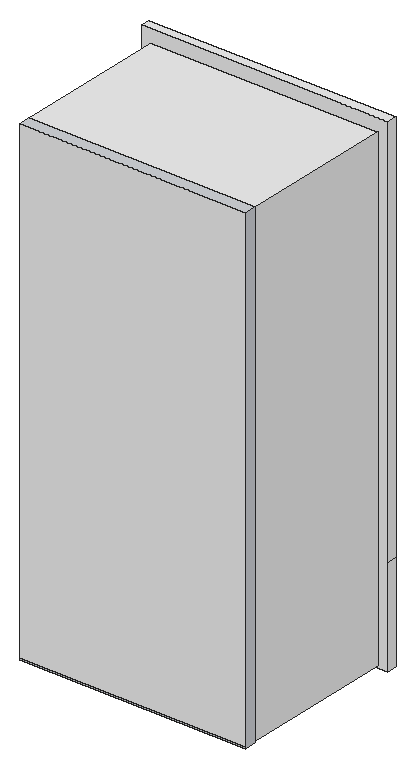
Revit family
Parameters (values of type "Parametric")
  Unit = Steel
  Subcategory = "Drinking Fountain"
  SmartBIM Object Version = 3  # constant formula
  SmartBIM Object Created By = "Reed Construction Data"  # constant formula
  Sill Height = 2' - 0"
  Manufacturer = ""
  Assembly Code = "D2010"
  95 CSI = "15410"
  04 CSI = "22 47 13"
Reference planes (in)
  plane 1: y = 0
  plane 2 "Center (Left/Right)": x = 0.75
  plane 3 "Wall Edge": y = 6
  plane 4: z = 24
  plane 5: x = -7.5
  plane 6: x = 9
Forms (in)
  Extrusion 1, solid
    sketch origin (0, 6, 0) x (1, 0, 0) y (0, 0, 1)
      loop
        line (-7.5, 59.0625) -> (-7.5, 24) -> (9, 24) -> (9, 59.0625) -> (-7.5, 59.0625)
    from 11.17785 to 12
Lines and regions (in)
  Opening 1
    outline origin (-60, -6, 0) x (1, 0, 0) y (0, 0, 1)
      loop
        line (69, 59.0625) -> (52.5, 59.0625) -> (52.5, 24) -> (69, 24) -> (69, 59.0625)
Text (in)
  text "Placement Side" at (0, 40.15149, 123.01588), in view "Right"
  text "Placement Side" at (-70.3804, 28.46503, 0), in view "Ref. Level"
  text "Placement Side" at (0, 81.62555, 140.59947), in view "Left"
Dimensions and locks (in)
  locked: plane 3 "Wall Edge" to host wall
  "Sill Height": level to plane 4
  equal spacing: plane 6, plane 2 "Center (Left/Right)", plane 5
  host wall to host wall = 4' - 5"
  aligned and locked: plane 6 to Opening 1 sketch curve
  aligned and locked: plane 4 to Opening 1 sketch curve
  aligned and locked: Opening 1 sketch curve to plane 5
  aligned and locked: host wall to Extrusion 1 sketch curve
  aligned and locked: Extrusion 1 sketch curve to host wall
  aligned and locked: Extrusion 1 to host wall  (x2)
  aligned and locked: nested 1 to host wall
  aligned and locked: nested 1 to plane 4
  aligned and locked: host wall to Extrusion 1
  aligned and locked: plane 6 to nested 1
Automatic sketch dimensions
  Opening 1 sketch curve to Opening 1 sketch curve = 2' - 11 1/16"
  Extrusion 1 sketch curve to plane 6 = 0' - 0"
  level to Extrusion 1 sketch curve = 2' - 0"
Nested families (in)
  nested 1: "Casing_Wall-Mounted_2400" at (3.75, 6.6875, -20.69464) x (-1, 0, 0) z (0, 0, 1), type "Casing_Wall-Mounted_2400"
Definition of nested family "Casing_Wall-Mounted_2400"
  Parameters
    Material = Steel
  Reference planes (in)
    plane 1 "Center (Front/Back)": y = 0
    plane 2: z = 0
    plane 3 "Center (Left/Right)": x = 0
  Forms (in)
    Extrusion 1, solid, material "Steel" <- "Material"
      sketch origin (0, 0, 0) x (0, -1, 0) y (0, 0, -1)
        loop
          arc (-6.1912, -52.38198) -> (-3.97692, -53.01099) -> (-2.28303, -54.56964) r 4.97356
          line (-2.28303, -54.56964) -> (-0.6875, -54.56964) -> (-0.6875, -44.81964) -> (-12.6875, -44.81964) -> (-12.6875, -79.75714) -> (-0.6875, -79.75714) -> (-0.6875, -78.69464) -> (-3.4375, -78.69464)
          arc (-3.4375, -78.69464) -> (-7.60347, -77.87461) -> (-10.70739, -74.97747) r 7.72767
          arc (-10.70739, -74.97747) -> (-10.95106, -74.42316) -> (-11, -73.81964) r 1.82545
          line (-11, -73.81964) -> (-11, -56.06964)
          arc (-11, -56.06964) -> (-10.92489, -55.34838) -> (-10.61109, -54.69464) r 2.1199
          arc (-10.61109, -54.69464) -> (-8.71205, -52.94412) -> (-6.1912, -52.38198) r 4.97356
      from -5.25 to 11.25
    Extrusion 2, solid, material "Steel" <- "Material"
      sketch origin (0, 0, 1.75) x (1, 0, 0) y (0, 0, -1)
        loop
          line (-6, -50.10247) -> (-6, -78.94464) -> (12, -78.94464) -> (12, -50.10247) -> (12, -49.35247) -> (-6, -49.35247) -> (-6, -50.10247)
        loop
          arc (11, -53.86666) -> (10.69847, -53.05246) -> (9.93934, -52.63108) r 1.25
          arc (9.93934, -52.63108) -> (3, -52.10247) -> (-3.93934, -52.63108) r 45.8125
          arc (-3.93934, -52.63108) -> (-4.38227, -52.78835) -> (-4.7358, -53.09808) r 1.25
          arc (-4.7358, -53.09808) -> (-4.9321, -53.4603) -> (-5, -53.86666) r 1.25
          line (-5, -53.86666) -> (-5, -74.46328)
          arc (-5, -74.46328) -> (-4.69847, -75.27748) -> (-3.93934, -75.69886) r 1.25
          arc (-3.93934, -75.69886) -> (3, -76.22747) -> (9.93934, -75.69886) r 45.8125
          arc (9.93934, -75.69886) -> (10.69847, -75.27748) -> (11, -74.46328) r 1.25
          line (11, -74.46328) -> (11, -53.86666)
      from 0 to 0.6875
    Extrusion 3, solid, material "Steel" <- "Material"
      sketch origin (0, 0, 0) x (0, -1, 0) y (0, 0, -1)
        loop
          line (-3.4375, -78.69464) -> (-0.6875, -78.69464) -> (-0.6875, -54.56964) -> (-2.28303, -54.56964)
          arc (-2.28303, -54.56964) -> (-3.47155, -53.33544) -> (-5.00838, -52.57781) r 4.97356
          line (-5.00838, -52.57781) -> (-5.37186, -52.36796) -> (-7.39147, -52.36796) -> (-7.70799, -52.5507)
          arc (-7.70799, -52.5507) -> (-9.36086, -53.35006) -> (-10.61109, -54.69464) r 4.97356
          arc (-10.61109, -54.69464) -> (-10.92489, -55.34838) -> (-11, -56.06964) r 2.1199
          line (-11, -56.06964) -> (-11, -73.81964)
          arc (-11, -73.81964) -> (-10.95106, -74.42316) -> (-10.70739, -74.97747) r 1.82545
          arc (-10.70739, -74.97747) -> (-7.60347, -77.87461) -> (-3.4375, -78.69464) r 7.72767
      from 11.25 to 11
    Extrusion 4, solid, material "Steel" <- "Material"
      sketch origin (-17.25, 0, 0) x (0, -1, 0) y (0, 0, -1)
        loop
          line (-3.4375, -78.69464) -> (-0.6875, -78.69464) -> (-0.6875, -54.56964) -> (-2.28303, -54.56964)
          arc (-2.28303, -54.56964) -> (-3.47155, -53.33544) -> (-5.00838, -52.57781) r 4.97356
          line (-5.00838, -52.57781) -> (-5.37186, -52.36796) -> (-7.39147, -52.36796) -> (-7.70799, -52.5507)
          arc (-7.70799, -52.5507) -> (-9.36086, -53.35006) -> (-10.61109, -54.69464) r 4.97356
          arc (-10.61109, -54.69464) -> (-10.92489, -55.34838) -> (-11, -56.06964) r 2.1199
          line (-11, -56.06964) -> (-11, -73.81964)
          arc (-11, -73.81964) -> (-10.95106, -74.42316) -> (-10.70739, -74.97747) r 1.82545
          arc (-10.70739, -74.97747) -> (-7.60347, -77.87461) -> (-3.4375, -78.69464) r 7.72767
      from 12.25 to 12
    Extrusion 5, void
      sketch origin (0, 0, 0) x (1, 0, 0) y (0, 0, -1)
        loop
          arc (9.93934, -54.38108) -> (3, -53.85247) -> (-3.93934, -54.38108) r 45.8125
          arc (-3.93934, -54.38108) -> (-4.38227, -54.53835) -> (-4.7358, -54.84808) r 1.25
          arc (-4.7358, -54.84808) -> (-4.9321, -55.2103) -> (-5, -55.61666) r 1.25
          line (-5, -55.61666) -> (11, -55.61666)
          arc (11, -55.61666) -> (10.69847, -54.80246) -> (9.93934, -54.38108) r 1.25
      from 0 to 8.12761
    Extrusion 6, solid, material "Steel" <- "Material"
      sketch origin (0, 0, 0.10677) x (1, 0, 0) y (0, 0, 1)
        loop
          line (-6, 44.58787) -> (12, 44.58787) -> (12, 50.9957) -> (-6, 50.9957) -> (-6, 44.58787)
      from -0.6875 to 0
    Revolve 7, solid, material "Steel" <- "Material"
      sketch origin (0, 0, 46.75) x (1, 0, 0) y (0, 1, 0)
        loop
          line (7.70458, -0.30325) -> (7.75458, -0.30325) -> (7.75458, -0.43625) -> (7.51192, -0.50127)
          arc (7.51192, -0.50127) -> (7.4868, -0.51806) -> (7.47708, -0.54667) r 0.047
          line (7.47708, -0.54667) -> (7.47708, -0.63825) -> (7.47708, -0.72983) -> (8.46708, -0.72983) -> (8.46708, 0) -> (7.75146, 0)
          arc (7.75146, 0) -> (7.71831, -0.01373) -> (7.70458, -0.04687) r 0.04688
          line (7.70458, -0.04687) -> (7.70458, -0.30325)
        axis (8.46708, -0.72983) -> (8.46708, 0)
      angle from 0 to 360
    Blend 8, solid, material "Steel" <- "Material"
      base sketch origin (0, -1.28125, 0) x (1, 0, 0) y (0, 1, 0)
        loop
          circle (8.89657, 2.98031) r 0.75
      top sketch origin (0, -1.28125, 0) x (1, 0, 0) y (0, 1, 0)
        loop
          circle (8.89657, 2.98031) r 0.48653
      from 52.44464 to 55.09674
    Blend 9, solid, material "Steel" <- "Material"
      base sketch origin (0, 0, 0) x (1, 0, 0) y (0, 1, 0)
        loop
          line (9.1281, 2.09957) -> (8.9879, 2.09957)
          arc (8.9879, 2.09957) -> (8.93532, 2.07779) -> (8.91354, 2.02521) r 0.07436
          line (8.91354, 2.02521) -> (8.91354, 1.43269)
          arc (8.91354, 1.43269) -> (8.93266, 1.38652) -> (8.97884, 1.36739) r 0.0653
          line (8.97884, 1.36739) -> (9.12697, 1.36739)
          arc (9.12697, 1.36739) -> (9.17557, 1.38752) -> (9.1957, 1.43612) r 0.06873
          line (9.1957, 1.43612) -> (9.1957, 2.03197)
          arc (9.1957, 2.03197) -> (9.1759, 2.07977) -> (9.1281, 2.09957) r 0.0676
      top sketch origin (0, 0, 0) x (1, 0, 0) y (0, 1, 0)
        loop
          arc (8.366, 1.97692) -> (8.3229, 1.95907) -> (8.30504, 1.91596) r 0.06096
          line (8.30504, 1.91596) -> (8.30504, 1.55159)
          arc (8.30504, 1.55159) -> (8.32691, 1.49879) -> (8.37971, 1.47692) r 0.07466
          line (8.37971, 1.47692) -> (8.45863, 1.47692)
          arc (8.45863, 1.47692) -> (8.49541, 1.49215) -> (8.51064, 1.52892) r 0.052
          line (8.51064, 1.52892) -> (8.51064, 1.93882)
          arc (8.51064, 1.93882) -> (8.49948, 1.96576) -> (8.47254, 1.97692) r 0.0381
          line (8.47254, 1.97692) -> (8.366, 1.97692)
      from 55.09674 to 55.57819
    Extrusion 10, solid, material "Steel" <- "Material"
      sketch origin (0, 0, 0) x (1, 0, 0) y (0, 0, 1)
        loop
          arc (-5.375, 78.10247) -> (-5.25, 78.22747) -> (-5.375, 78.35247) r 0.125
          line (-5.375, 78.35247) -> (-5.625, 78.35247)
          arc (-5.625, 78.35247) -> (-5.75, 78.22747) -> (-5.625, 78.10247) r 0.125
          line (-5.625, 78.10247) -> (-5.375, 78.10247)
        loop
          arc (-3.125, 78.35247) -> (-3.25, 78.22747) -> (-3.125, 78.10247) r 0.125
          line (-3.125, 78.10247) -> (-2.875, 78.10247)
          arc (-2.875, 78.10247) -> (-2.75, 78.22747) -> (-2.875, 78.35247) r 0.125
          line (-2.875, 78.35247) -> (-3.125, 78.35247)
        loop
          arc (3.125, 78.10247) -> (3.25, 78.22747) -> (3.125, 78.35247) r 0.125
          line (3.125, 78.35247) -> (2.875, 78.35247)
          arc (2.875, 78.35247) -> (2.75, 78.22747) -> (2.875, 78.10247) r 0.125
          line (2.875, 78.10247) -> (3.125, 78.10247)
        loop
          arc (9.125, 78.10247) -> (9.25, 78.22747) -> (9.125, 78.35247) r 0.125
          line (9.125, 78.35247) -> (8.875, 78.35247)
          arc (8.875, 78.35247) -> (8.75, 78.22747) -> (8.875, 78.10247) r 0.125
          line (8.875, 78.10247) -> (9.125, 78.10247)
        loop
          arc (11.625, 78.10247) -> (11.75, 78.22747) -> (11.625, 78.35247) r 0.125
          line (11.625, 78.35247) -> (11.375, 78.35247)
          arc (11.375, 78.35247) -> (11.25, 78.22747) -> (11.375, 78.10247) r 0.125
          line (11.375, 78.10247) -> (11.625, 78.10247)
        loop
          circle (-5.6475, 44.88214) r 0.09375
        loop
          circle (11.6475, 44.88214) r 0.09375
      from -0.03761 to 0.0376
  Cuts and joins
    Extrusion 5 cuts Extrusion 1
    Extrusion 5 cuts Extrusion 3
    Extrusion 5 cuts Extrusion 4
    joined: Extrusion 1, Extrusion 3, Extrusion 4, Blend 8
    Extrusion 5 cuts Extrusion 2
    joined: Extrusion 2, Extrusion 6, Extrusion 10
  Dimensions and locks (in)
    cut or joined group of Extrusion 2, Extrusion 5, Extrusion 6, Extrusion 10 to Extrusion 6 = 3' - 0"
    aligned and locked: Extrusion 4 to Extrusion 2
    aligned and locked: Extrusion 2 to Extrusion 3
    aligned and locked: Extrusion 6 to cut or joined group of Extrusion 2, Extrusion 5, Extrusion 6, Extrusion 10
